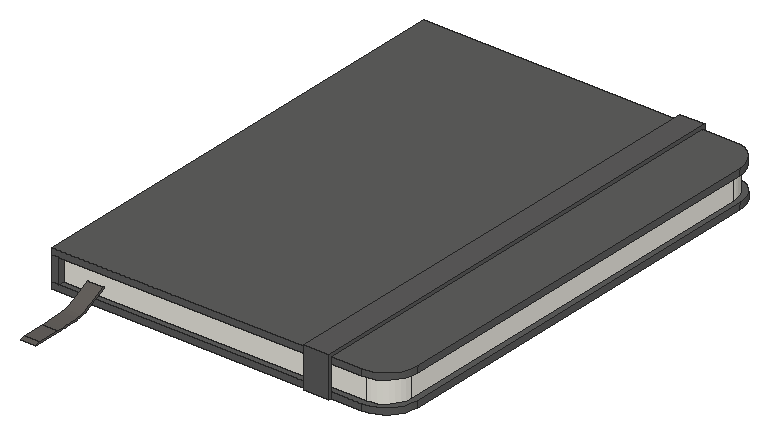
Revit family "Caderno Moleskin", category Furniture, Revit 2016
Family settings
  OmniClass Number = 23.40.20.00
  OmniClass Title = General Furniture and Specialties
  Work Plane-Based = No
  Always vertical = Yes
  Cut with Voids When Loaded = No
  Shared = No
  Room Calculation Point = No
Parameters (values of type "A6")
  Moleskin_ribbon = Moleskin-ribbon
  Moleskin_papier = Moleskin-paper
  Moleskin_elastiek = Moleskin-elastiek
  Moleskin_cover = Moleskin-cover
  Lengte = 150 mm
  Breedte = 110 mm
Types (2, lengths in mm): name | Lengte | Breedte
  A5 | 212 | 150
  A6 | 150 | 110
Reference planes
  plane 1 "Center (Front/Back)": y = 0
  plane 2: z = 0
  plane 3 "Center (Left/Right)": x = 0
  plane 4: y = 150
  plane 5: x = 110
Forms (mm)
  Extrusion 1, solid, material "Moleskin-paper" <- "Moleskin_papier"
    sketch origin (0, 0, 0) x (1, 0, 0) y (0, 1, 0)
      loop
        line (2, 148) -> (2, 2) -> (100, 2)
        arc (100, 2) -> (105.657, 4.343) -> (108, 10) r 8
        line (108, 10) -> (108, 140)
        arc (108, 140) -> (105.657, 145.657) -> (100, 148) r 8
        line (100, 148) -> (2, 148)
    from 2 to 10
  Extrusion 2, solid, material "Moleskin-cover" <- "Moleskin_cover"
    sketch origin (0, 0, 0) x (1, 0, 0) y (0, 1, 0)
      loop
        line (0, 0) -> (100, 0)
        arc (100, 0) -> (107.071, 2.929) -> (110, 10) r 10
        line (110, 10) -> (110, 140)
        arc (110, 140) -> (107.071, 147.071) -> (100, 150) r 10
        line (100, 150) -> (0, 150) -> (0, 0)
    from 0 to 2
  Extrusion 3, solid, material "Moleskin-cover" <- "Moleskin_cover"
    sketch origin (0, 0, 0) x (1, 0, 0) y (0, 1, 0)
      loop
        line (0, 150) -> (0, 0) -> (2, 0) -> (2, 150) -> (0, 150)
    from 2 to 10
  Extrusion 4, solid, material "Moleskin-cover" <- "Moleskin_cover"
    sketch origin (0, 0, 0) x (1, 0, 0) y (0, 1, 0)
      loop
        line (100, 150) -> (0, 150) -> (0, 0) -> (100, 0)
        arc (100, 0) -> (107.071, 2.929) -> (110, 10) r 10
        line (110, 10) -> (110, 140)
        arc (110, 140) -> (107.071, 147.071) -> (100, 150) r 10
    from 10 to 12
  Extrusion 5, solid, material "Moleskin-elastiek" <- "Moleskin_elastiek"
    sketch origin (0, 0, 0) x (0, 1, 0) y (0, 0, 1)
      loop
        line (0, 0) -> (0, 12) -> (150, 12) -> (150, 0) -> (151, 0) -> (151, 13) -> (-1, 13) -> (-1, 0) -> (0, 0)
    from 82 to 90
  Extrusion 6, solid, material "Moleskin-ribbon" <- "Moleskin_ribbon"
    sketch origin (0, 0, 0) x (0, 1, 0) y (0, 0, 1)
      loop
        line (2, 4.434) -> (5.647, 4.822) -> (2, 5.013)
        spline (2, 5.013) -> (-0.851, 3.64) -> (-2.83, 2.642) -> (-4.195, 1.933) -> (-5.197, 1.431) -> (-6.039, 1.075) -> (-6.886, 0.822) -> (-7.879, 0.646) -> (-9.184, 0.529) -> (-10.854, 0.456) -> (-12.787, 0.413) -> (-14.746, 0.393) -> (-16.481, 0.385)
        line (-16.481, 0.385) -> (-23.73, 0.385) -> (-25.362, 0) -> (-16.02, 0)
        spline (-16.02, 0) -> (-14.347, 0.002) -> (-12.462, 0.014) -> (-10.589, 0.048) -> (-8.955, 0.113) -> (-7.68, 0.224) -> (-6.669, 0.398) -> (-5.796, 0.655) -> (-4.938, 1.015) -> (-3.959, 1.5) -> (-2.644, 2.177) -> (-0.742, 3.127) -> (2, 4.434)
    from 10 to 15
Dimensions and locks
  locked: Extrusion 2 to Extrusion 1 sketch curve at 2  (x3)
  locked: Extrusion 1 sketch curve to Extrusion 2 at 2
  "Lengte": plane 4 to plane 1 "Center (Front/Back)"
  "Breedte": plane 3 "Center (Left/Right)" to plane 5
  locked: Extrusion 5 to plane 5 at 20
  locked: Extrusion 5 to Extrusion 5 at 8
  aligned and locked: level to plane 2
  aligned and locked: Extrusion 3 to Extrusion 4
  aligned and locked: plane 4 to Extrusion 4
  aligned and locked: Extrusion 4 to Extrusion 2
  aligned and locked: plane 4 to Extrusion 3
  aligned and locked: plane 5 to Extrusion 4
  aligned and locked: Extrusion 2 to Extrusion 4
Automatic sketch dimensions
  Extrusion 1 sketch curve to Extrusion 1 sketch curve = 8 mm
  Extrusion 1 sketch curve to plane 5 = 10 mm
  Extrusion 2 sketch curve to plane 3 "Center (Left/Right)" = 0 mm
  Extrusion 2 sketch curve to plane 4 = 0 mm
  plane 1 "Center (Front/Back)" to Extrusion 2 sketch curve = 0 mm
  Extrusion 2 sketch curve to plane 5 = 0 mm
  Extrusion 2 sketch curve to plane 5 = 10 mm  (x2)
  plane 1 "Center (Front/Back)" to Extrusion 3 sketch curve = 0 mm
  Extrusion 3 sketch curve to plane 3 "Center (Left/Right)" = 0 mm
  Extrusion 3 sketch curve to plane 4 = 0 mm
  plane 3 "Center (Left/Right)" to Extrusion 3 sketch curve = 2 mm
  Extrusion 4 sketch curve to plane 3 "Center (Left/Right)" = 0 mm
  Extrusion 4 sketch curve to plane 4 = 0 mm
  plane 1 "Center (Front/Back)" to Extrusion 4 sketch curve = 0 mm
  Extrusion 4 sketch curve to plane 5 = 0 mm
  Extrusion 4 sketch curve to plane 5 = 10 mm  (x2)
  Extrusion 5 sketch curve to level = 0 mm  (x2)
  Extrusion 5 sketch curve to plane 1 "Center (Front/Back)" = 0 mm
  Extrusion 5 sketch curve to plane 4 = 0 mm
  plane 1 "Center (Front/Back)" to Extrusion 5 sketch curve = 1 mm
  plane 4 to Extrusion 5 sketch curve = 1 mm
  level to Extrusion 5 sketch curve = 12 mm
  Extrusion 5 sketch curve to Extrusion 5 sketch curve = 1 mm
  Extrusion 6 sketch curve to level = 0 mm
  plane 1 "Center (Front/Back)" to Extrusion 6 sketch curve = 25.362 mm
  Extrusion 6 sketch curve to Extrusion 6 sketch curve = 1.632 mm
  level to Extrusion 6 sketch curve = 0.385 mm
  Extrusion 6 sketch curve to Extrusion 6 sketch curve = 7.249 mm
  Extrusion 6 sketch curve to Extrusion 6 sketch curve = 0.461 mm
  Extrusion 6 sketch curve to plane 1 "Center (Front/Back)" = 2 mm
  Extrusion 6 sketch curve to Extrusion 6 sketch curve = 0 mm
  Extrusion 6 sketch curve to Extrusion 6 sketch curve = 3.647 mm
  level to Extrusion 6 sketch curve = 4.434 mm
  Extrusion 6 sketch curve to Extrusion 6 sketch curve = 0.388 mm
  Extrusion 6 sketch curve to Extrusion 6 sketch curve = 0.579 mm
